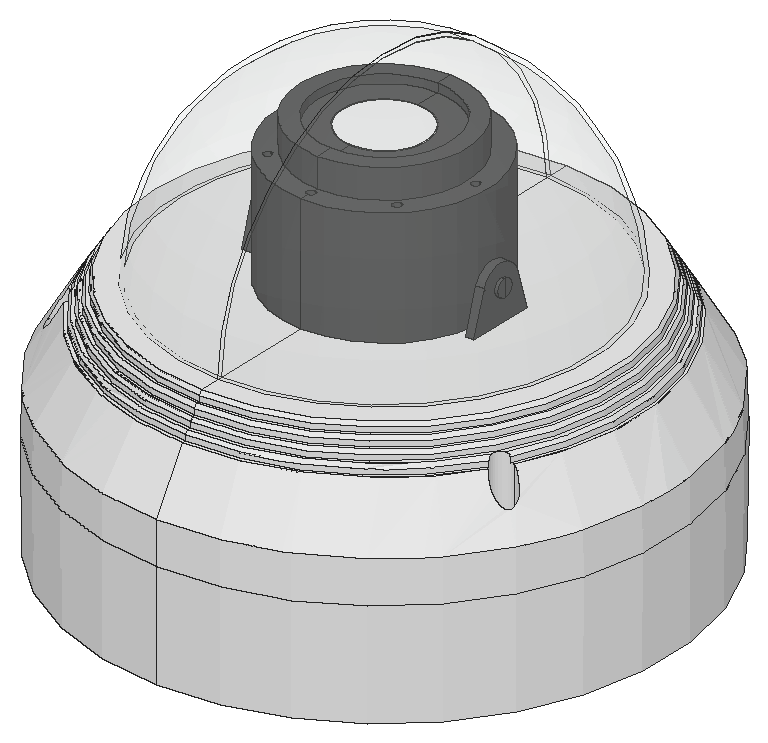
Revit family "Camera-Security-HanwhaTechwin-Dome-Wisenet Q-QNV-8080R_inch", category Security Devices, host Face, Revit 2020
Family settings
  Host = Face
  Maintain Annotation Orientation = Yes
  Round Connector Dimension = Use Diameter
  Part Type = Normal
  OmniClass Number = 23.85.30.17.14
  OmniClass Title = Video Surveillance
  Cut with Voids When Loaded = No
  Shared = No
  Room Calculation Point = No
Parameters (values of type "Standard")
  zz Length 3 [instance] = if(1 = 1, View Distance + 1.531", View Distance + 1.531")  # 37.51525"
  zz Length 2 [instance] = 10.04698"
  zz Length 1 [instance] = 7.48474"
  zz Angle 4 [instance] = if(1 = 1, Camera Shield Actual, Camera Shield Actual)  # 0.00°
  zz Angle 3 [instance] = Camera Tilt Actual + 90.00°  # 90.00°
  zz Angle 2 [instance] = 90.00° - Camera Shield Actual  # 90.00°
  zz Angle 1 [instance] = if(1 = 1, Camera Base Actual + 270.00°, Camera Base Actual + 270.00°)  # 270.00°
  Wide Dynamic Range [instance] = "120 dB"  # constant formula
  White Balance [instance] = "ATW / AWC / Manual / Indoor / Outdoor"  # constant formula
  Weight [instance] = "700g (1.543 lb)"  # constant formula
  Webpage Language [instance] = "English, Korean, Chinese, French, Italian, Spanish, German, Japanese, Russian, Swedish,\r\nPortuguese, Czech, Polish, Turkish, Dutch, Hungarian, Greek"  # constant formula
  Web Viewer [instance] = "Supported OS : Windows 7, 8.1, 10, Mac OS X 10.12, 10.13, 10.14\r\nRecommended Browser : Google Chrome\r\nSupported Browser : MS Explorer11, MS Edge, Mozilla Firefox (Windows 64bit only),\r\nApple Safari (Mac OS X only)"  # constant formula
  WarrantyStartDate [instance] = "1900-12-31T23:59:59"
  WarrantyGuarantorParts [instance] = ""
  WarrantyGuarantorLabor [instance] = ""
  WarrantyDurationUnit [instance] = "year"
  WarrantyDurationParts [instance] = ""
  WarrantyDurationLabor [instance] = ""
  WarrantyDescription [instance] = ""
  Voltage [instance] = 12 V
  View Distance [instance] = 35.98425"
  Video out [instance] = "CVBS : 1.0 Vp-p / 75Ω composite, 720 x 480(N), 720 x 576(P) for installation"  # constant formula
  Video Rotation [instance] = "Flip, Mirror, Hallway view (90˚/270˚)"  # constant formula
  Video Quality Adjustment [instance] = "H.264/H.265 : Target bitrate level control\r\nMJPEG : Quality Level control"  # constant formula
  Video Compression Format [instance] = "H.265/H.264: Main/High, MJPEG"  # constant formula
  Version [instance] = "1"
  Unit Conversion [instance] = 39.37008"
  Uniclass2 [instance] = "Pr_60_75_75_86_86"
  URL = "https://www.hanwha-security.com"
  TagNumber (default) [instance] = ""
  SustainabilityPerformance [instance] = ""
  Streaming Method [instance] = "Multiple streaming (Up to 3 profiles)"  # constant formula
  Streaming Capability [instance] = "Unicast (6 users) / Multicast"  # constant formula
  Storage Temperature [instance] = "-30°C ~ +60°C (-22°F ~ +140°F) / Less than 90% RH"  # constant formula
  Smart Codec [instance] = "WiseStream II"  # constant formula
  Size [instance] = "Ø5.39 x 4.18\" (Ø137.0 x 106.1mm)"
  Shape [instance] = "Dome"
  SerialNumber (default) = ""
  Security [instance] = "HTTPS (SSL) login authentication, Digest login authentication,\r\nIP address filtering, User access log,\r\n802.1X authentication (EAP-TLS, EAP-LEAP)"  # constant formula
  Revision [instance] = ""
  Resolution [instance] = "2592 x 1944, 1920 x 1080, 1280 x 960, 1280 x 720, 800 x 600, 800 x 448, 720 x 576, 720 x 480,\r\n640 x 480, 640 x 360"  # constant formula
  ReplacementCost [instance] = ""
  RAL Code [instance] = "RAL9003"  # constant formula
  Protocol [instance] = "IPv4, IPv6, TCP/IP, UDP/IP, RTP(UDP), RTP(TCP), RTCP, RTSP, NTP, HTTP, HTTPS, SSL/TLS, DHCP, FTP,\r\nSMTP, ICMP, IGMP, SNMPv1/v2c/v3(MIB-2), ARP, DNS, DDNS, QoS, UPnP, Bonjour, LLDP"  # constant formula
  ProductInformation [instance] = ""
  Product Page URL = "https://www.hanwha-security.com/en/products/camera/network/dome/QNV-8080R/overview/"
  Product Material = Aluminum - HanwhaTechwin - White
  Product Documentation Link = "https://www.hanwha-security.com/prod/pdfDownload.do?mdlCd=MC001858"
  Privacy Masking [instance] = "6ea, rectangular zones"  # constant formula
  Power Consumption [instance] = "PoE : Max 8.9W, typical 6.6W"  # constant formula
  Pan. Tilt. Rotate Range [instance] = "0˚~350˚ / 0˚~67˚ / 0˚~355"  # constant formula
  Operating Temperature [instance] = "-30°C ~ +55°C (-22°F ~ +131°F) / Less than 90% RH\r\n* Start up should be done at above -20°C"  # constant formula
  NominalWidth [instance] = "Ø5.39 (Ø137.0)"
  NominalLength [instance] = "Ø5.39 (Ø137.0)"
  NominalHeight [instance] = "4.18\" (106.1mm)"
  Name [instance] = "QNV-8080R"
  NBSTypeID [instance] = ""
  NBSReference [instance] = ""
  NBSOfficeMasterTag [instance] = ""
  NBSNote [instance] = ""
  NBSDescription [instance] = ""
  NBSCertification [instance] = ""
  Motion Detection [instance] = "4ea, polygonal zones"  # constant formula
  ModelReference [instance] = "Hanwhatechwin"
  ModelNumber [instance] = "QNV-8080R"
  Model = "QNV-8080R"  # constant formula
  Min. Illumination [instance] = "Color : 0.15Lux (F1.6, 1/30sec)\r\nBW : 0Lux (IR LED on)"  # constant formula
  Memory [instance] = "512MB RAM, 256MB Flash"  # constant formula
  Maximum Framerate [instance] = "H.265/H.264: Max. 30fps/25fps (60Hz/50Hz)\r\nMJPEG: Max. 15fps/12fps (60Hz/50Hz)"  # constant formula
  Max. Aperture Ratio [instance] = "F1.6 (Wide)~F2.9 (Tele)"  # constant formula
  Max Resolution [instance] = 2592
  Material [instance] = "Aluminum"
  ManufacturerURL [instance] = "https://www.hanwha-security.com"
  ManufacturerName [instance] = "Hanwhatechwin"
  Manufacturer = "Hanwha Techwin"  # constant formula
  LDC [instance] = "Support"  # constant formula
  InstallationDate (default) [instance] = "1900-12-31T23:59:59"
  Input Voltage. Current [instance] = "PoE (IEEE802.3af, Class3), 12VDC"  # constant formula
  Imaging Device [instance] = "1/2.8 2MP CMOS"  # constant formula
  IR Viewable Length [instance] = "30m (98.42ft)"  # constant formula
  Grade [instance] = ""
  Gain Control [instance] = "Low / Middle / High"  # constant formula
  Focus Control [instance] = "Simple focus"  # constant formula
  Focal Length Actual [instance] = if(Focal Length > 0.3937", 0.3937", if(Focal Length < 0.12598", 0.12598", Focal Length))  # 0.12598"
  Focal Length .Zoom Ratio. [instance] = "3.2~10mm (3.1x) motorized varifocal"  # constant formula
  Focal Length [instance] = 0.12598"
  FoV Hide Check [instance] = FoV Hide Check
  FoV Cross Check [instance] = FoV Cross Check
  Finish [instance] = ""
  Field of View_Recognize [instance] = Field of View - Recognize
  Field of View_Observe [instance] = Field of View - Observe
  Field of View_Identify [instance] = Field of View - Identify
  Field of View_Detect [instance] = Field of View - Detect
  Field of View is Visible_DORI [instance] = no
  Field of View is Visible [instance] = no
  Field of View Vertical Actual [instance] = 72.30° + (23.50° - 72.30°) / (0.3937" - 0.12598") * (Focal Length Actual - 0.12598")  # 72.30°
  Field of View Horizontal Actual [instance] = 100.30° + (31.20° - 100.30°) / (0.3937" - 0.12598") * (Focal Length Actual - 0.12598")  # 100.30°
  Field of View Diagonal Actual [instance] = 133.10° + (38.80° - 133.10°) / (0.3937" - 0.12598") * (Focal Length Actual - 0.12598")  # 133.10°
  Field of View [instance] = Field of View
  Features [instance] = "• Max. 5Megapixel (2592 x 1944) resolution\r\n• 3.2~10mm(3.1x) motorized varifocal lens\r\n• 0.15Lux (Color), 0Lux (B/W, IR LED on)\r\n• Max. 30fps@5MP (H.265 / H.264)\r\n• H.265, H.264, MJPEG codec support, Multiple streaming\r\n• Day & Night, WDR (120dB)\r\n• Tampering, Motion detection, Defocus detection\r\n• Micro SD / SDHC / SDXC memory slot (Max. 128GB)\r\n• Hallway view, WiseStream II support\r\n• IR Viewable length 30m\r\n• IP66, IK10, PoE"
  ExpectedLife [instance] = ""
  Ethernet [instance] = "RJ-45 (10/100BASE-T)"  # constant formula
  Electronic Shutter Speed [instance] = "Minimum / Maximum / Anti flicker (1/5~1/12,000sec)"  # constant formula
  Effective Pixels [instance] = "2592(H) x 1944(V)"  # constant formula
  Edge Storage [instance] = "Micro SD/SDHC/SDXC 1slot 128GB"  # constant formula
  DurationUnit [instance] = "year"
  Distance Recognize [instance] = 1 / 2 * (Max Resolution / 125) / tan(Field of View Horizontal Actual / 2) * Unit Conversion  # 340.69416"
  Distance Observe [instance] = 1 / 2 * (Max Resolution / 62.5) / tan(Field of View Horizontal Actual / 2) * Unit Conversion  # 681.38831"
  Distance Identify [instance] = 1 / 2 * (Max Resolution / 250) / tan(Field of View Horizontal Actual / 2) * Unit Conversion  # 170.34708"
  Distance Detect [instance] = 1 / 2 * (Max Resolution / 25) / tan(Field of View Horizontal Actual / 2) * Unit Conversion  # 1703.47078"
  Digital Noise Reduction [instance] = "SSNR"  # constant formula
  Description = "NBS standard template for generic face-based components"  # constant formula
  Default Elevation = 48"
  Day and Night [instance] = "Auto (ICR)"  # constant formula
  Constituents [instance] = ""
  Color [instance] = "White"
  CodePerformance [instance] = ""
  Certification [instance] = "IP66, IK10"  # constant formula
  Category [instance] = "5MP Network IR Dome Camera"
  Camera Title [instance] = "Displayed up to 85 characters"  # constant formula
  Camera Tilt Desired [instance] = 0.00°
  Camera Tilt Actual [instance] = if(Camera Tilt Desired > 67.00°, 67.00°, if(Camera Tilt Desired < 0.00°, 0.00°, Camera Tilt Desired))  # 0.00°
  Camera Shield Desired [instance] = 0.00°
  Camera Shield Actual [instance] = if(Camera Shield Desired > 355.00°, 355.00°, if(Camera Shield Desired < 0.00°, 0.00°, Camera Shield Desired))  # 0.00°
  Camera Base Desired [instance] = 0.00°
  Camera Base Actual [instance] = if(Camera Base Desired > 350.00°, 350.00°, if(Camera Base Desired < 0.00°, 0.00°, Camera Base Desired))  # 0.00°
  Bitrate Control Method [instance] = "H.264/H.265 : CBR or VBR\r\nMJPEG : VBR"  # constant formula
  Base Vertical Length [instance] = 0.19685"
  Base Horizontal Length [instance] = 0.19685"
  BarCode (default) [instance] = ""
  Backlight Compensation [instance] = "BLC, WDR, SSDR"  # constant formula
  Author [instance] = ""
  Audio In [instance] = "Selectable (mic in/line in)\r\nSupply voltage: 2.5VDC (4mA), Input impedance : 2K Ohm"  # constant formula
  Audio Compression Format [instance] = "G.711 u-law /G.726 Selectable\r\nG.726 (ADPCM) 8KHz, G.711 8KHz\r\nG.726: 16Kbps, 24Kbps, 32Kbps, 40Kbps"  # constant formula
  AssetType [instance] = "Fixed"
  AssetIdentifier (default) [instance] = ""
  Application Programming Interface [instance] = "ONVIF Profile S/G/T\r\nSUNAPI (HTTP API)\r\nWisenet open platform"  # constant formula
  Angular Field of View [instance] = "H : 100.3°(Wide)~31.2°(Tele) / V : 72.3°(Wide)~23.5°(Tele) / H : 133.1°(Wide)~38.8°(Tele)"  # constant formula
  Analytics [instance] = "Defocus detection, Directional detection, Motion detection, Enter/Exit, Tampering, Virtual line"  # constant formula
  Alarm Triggers [instance] = "Analytics, Network disconnect, Alarm input"  # constant formula
  Alarm I.O [instance] = "Input 1ea / Output 1ea"  # constant formula
  Alarm Events [instance] = "File upload via FTP and e-mail\r\nNotification via e-mail\r\nSD/SDHC/SDXC or NAS recording at event triggers\r\nAlarm output"  # constant formula
  AccessibilityPerformance [instance] = ""
Reference planes (in)
  plane 1 "Center (Front/Back)": y = 0
  plane 2: z = 0
  plane 3 "Center (Left/Right)": x = 0
  plane 4: z = 2.76329
  plane 5: z = 0
  plane 6: z = 2.27165
  plane 7: z = 4.17717
  plane 8: y = -0.11444
  plane 9: x = 0
  plane 10: y = -0.02267
  plane 11: through (0, -0.02267, 47.50857) normal (0.7071, 0.7071, 0)
  plane 12: y = -0.11444
  plane 13: y = 1.9685
  plane 14: y = -1.9685
  plane 15: z = 2.27165
  plane 16: z = 1.39873
  plane 17: y = 2.16345
  plane 18: y = -2.17741
  plane 19: y = 2.69685
  plane 20: y = -2.69685
  plane 21: y = 2.68962
Forms (in)
  Revolve 1, solid, material "Aluminum - HanwhaTechwin - White" <- "Product Material", detail levels fine
    sketch origin (0, 0, 9.14415) x (0, -1, 0) y (0, 0, 1)
      loop
        line (-2.68962, -9.14415) -> (0, -9.14415) -> (0, -6.8725) -> (-2.16345, -6.8725) -> (-2.18689, -6.91001) -> (-2.18689, -6.96048) -> (-2.21843, -6.96048) -> (-2.24187, -6.99799) -> (-2.24187, -7.04847) -> (-2.27341, -7.04847) -> (-2.29685, -7.08598) -> (-2.29685, -7.13645) -> (-2.32839, -7.13645) -> (-2.35183, -7.17396) -> (-2.35183, -7.22443) -> (-2.38337, -7.22443) -> (-2.68962, -7.74542) -> (-2.69706, -8.141) -> (-2.68962, -9.14415)
      axis (0, -9.14415) -> (0, -6.8725)
    angle from 0 to 360
  Revolve 2, solid, material "Glass - HanwhaTechwin - Clear"
    sketch origin (-0.00002, -3.90713, 9.53568) x (0, -1, 0) y (0, 0, 1)
      loop
        arc (-3.90814, -5.35852) -> (-5.27763, -5.91299) -> (-5.87563, -7.26403) r 1.9685
        line (-5.87563, -7.26403) -> (-5.83624, -7.26403)
        arc (-5.83624, -7.26403) -> (-5.24979, -5.94083) -> (-3.90814, -5.39789) r 1.92913
        line (-3.90814, -5.39789) -> (-3.90814, -5.35852)
      axis (-3.90713, -7.26403) -> (-3.90713, -5.35852)
    angle from 0 to 360
  Extrusion 3, void, detail levels fine
    sketch origin (0, 0, 0) x (0, -1, 0) y (1, 0, 0)
      loop
        circle (1.21589, -2.10598) r 0.11811
      loop
        circle (1.21589, 2.10598) r 0.11811
      loop
        circle (-2.43177, 0) r 0.11811
    from 0 to 2.27332
  Revolve 4, solid, material "Metal - HanwhaTechwin - Black", detail levels fine
    sketch origin (0, 0, 2.76329) x (0, 0, 1) y (0, 1, 0)
      loop
        line (0.88617, 0.7874) -> (0.61058, 0.7874) -> (0.61058, 0.98425) -> (-0.49163, 0.98425) -> (-0.49163, 0) -> (0.76806, 0) -> (0.76806, 0.3937) -> (0.80743, 0.3937) -> (0.80743, 0.62992) -> (0.88617, 0.62992) -> (0.88617, 0.7874)
      axis (0.88617, 0) -> (-0.49163, 0)
    angle from 0 to 360
  Extrusion 5, solid, material "Plastic - HanwhaTechwin - Sun-Shield", detail levels fine
    sketch origin (0, 0, 3.53135) x (1, 0, 0) y (0, 1, 0)
      loop
        circle (0, 0) r 0.3937
    from 0.03937 to 0
  Revolve 6, solid, material "Metal - HanwhaTechwin - Black", detail levels fine
    sketch origin (0, 0, 2.76329) x (0, 0, 1) y (1, 0, 0)
      loop
        line (-0.09793, -1.14173) -> (-0.09793, -0.98425) -> (-0.17667, -0.98425) -> (-0.17667, -1.14173) -> (-0.09793, -1.14173)
      axis (-0.17667, -1.14173) -> (-0.17667, -0.98425)
    angle from 0 to 360
  Extrusion 7, solid, material "Metal - HanwhaTechwin - Black", detail levels fine
    sketch origin (0, -0.0123, 2.76329) x (0, -1, 0) y (0, 0, 1)
      loop
        line (0.30061, -0.49163) -> (0.17942, -0.11354)
        arc (0.17942, -0.11354) -> (-0.0123, 0.02071) -> (-0.20402, -0.11354) r 0.20402
        line (-0.20402, -0.11354) -> (-0.32522, -0.49163) -> (0.30061, -0.49163)
    from 1.10236 to 0.98425
  Extrusion 8, void
    sketch origin (0, 0, 2.27165) x (0, -1, 0) y (1, 0, 0)
      loop
        circle (0, 0.86614) r 0.03937
      loop
        circle (0.61245, 0.61245) r 0.03937
      loop
        circle (0.86614, 0) r 0.03937
      loop
        circle (0, -0.86614) r 0.03937
      loop
        circle (0.61245, -0.61245) r 0.03937
    from 1.02362 to 1.10236
  Revolve 9, solid, material "Metal - HanwhaTechwin - Black", detail levels fine
    sketch origin (0, 0, 2.76329) x (0, 0, 1) y (1, 0, 0)
      loop
        line (-0.09793, 1.14173) -> (-0.17667, 1.14173) -> (-0.17667, 0.98425) -> (-0.09793, 0.98425) -> (-0.09793, 1.14173)
      axis (-0.17667, 1.14173) -> (-0.17667, 0.98425)
    angle from 0 to 360
  Extrusion 10, solid, material "Metal - HanwhaTechwin - Black", detail levels fine
    sketch origin (0, -0.0123, 2.76329) x (0, -1, 0) y (0, 0, -1)
      loop
        line (0.30061, 0.49163) -> (-0.32522, 0.49163) -> (-0.20402, 0.11354)
        arc (-0.20402, 0.11354) -> (-0.0123, -0.02071) -> (0.17942, 0.11354) r 0.20402
        line (0.17942, 0.11354) -> (0.30061, 0.49163)
    from 1.10236 to 1.02362
  Revolve 11, solid, material "Aluminum - HanwhaTechwin - White", detail levels coarse+medium
    sketch origin (0, 0, 2.76329) x (0, -1, 0) y (0, 0, 1)
      loop
        line (-2.69685, -1.36469) -> (-2.69685, -2.76329) -> (0, -2.76329) -> (0, -0.49163) -> (-2.17063, -0.49163) -> (-2.69685, -1.36469)
      axis (0, -0.49163) -> (0, -2.76329)
    angle from 0 to 360
Cuts and joins
  Extrusion 3 cuts Revolve 1
  Extrusion 8 cuts Revolve 4
Lines and regions (in)
  reference lines
    curve 1: line (0, 0, 2.76329) -> (0, -1.25, 2.76329)
    curve 2: line (0, 0, 2.76329) -> (0, 0, 3.57072)
    curve 3: line (1.60218, 0, 2.9992) -> (1.60218, 0, 3.57072)
    curve 4: line (0, 0, 3.57072) -> (1.60218, 0, 3.57072)
    curve 5: line (0, 0, 2.9992) -> (1.60218, 0, 2.9992)
    curve 6: line (0, 0, 3.57072) -> (1.60218, 0, 3.57072)
    curve 7: line (1.08357, 0, 3.5378) -> (0, 0, 3.5378)
    curve 8: line (0, 0, 3.57072) -> (0, -0.5, 3.57072)
    curve 9: line (0, 0, 3.57072) -> (-0.5, 0, 3.57072)
  symbolic lines, not visible
    curve 10: circle (0, 0, 0) r 2.84138 normal (0, 0, -1)
Dimensions and locks (in)
  locked: curve 6 to curve 6
  locked: curve 2 to curve 6
  locked: curve 1 to curve 2
  locked: Revolve 6 sketch curve to Revolve 6 sketch curve at 0.07874
  locked: Extrusion 7 sketch curve to Extrusion 7 sketch curve at 0.62583
  locked: Revolve 4 sketch curve to Revolve 4 sketch curve at 0.98425
  Revolve 4 sketch curve to Revolve 4 sketch curve to Revolve 4 sketch curve to Revolve 4 sketch curve = 0.15748" locked, 0.23622" locked, 0.3937" locked
  locked: Revolve 9 sketch curve to Revolve 9 sketch curve at 0.07874
  locked: Extrusion 10 sketch curve to Extrusion 10 sketch curve at 0.62583
  Revolve 4 sketch curve to Revolve 4 sketch curve to Revolve 4 sketch curve to Revolve 4 sketch curve to Revolve 4 sketch curve = 0.07874" locked, 0.03937" locked, 0.15748" locked, 1.10222" locked
  locked: Revolve 1 sketch curve to Revolve 1 sketch curve at 2.27165
  locked: Extrusion 10 to Extrusion 7 sketch curve at 0.51234
  locked: Extrusion 10 sketch curve to Extrusion 10 sketch curve at 0.51234
  locked: Revolve 9 sketch curve to Revolve 9 sketch curve at 0.15748
  locked: Revolve 6 sketch curve to Revolve 6 sketch curve at 0.15748
  plane 5 to plane 7 = 4.17717"
  locked: plane 5 to plane 15 at 2.27165
  plane 15 to plane 7 = 1.90551"
  equal spacing: plane 13, plane 1 "Center (Front/Back)", plane 14
  plane 13 to plane 14 = 3.93701"
  locked: plane 16 to plane 15 at 0.87293
  equal spacing: plane 19, plane 1 "Center (Front/Back)", plane 20  (x2)
  plane 19 to plane 20 = 5.3937"  (x2)
  locked: plane 19 to plane 21 at 0.00723
  radius of Extrusion 7 sketch curve = 0.20402"
  radius of Extrusion 10 sketch curve = 0.20402"
  radius of Extrusion 5 sketch curve = 0.3937"
  radius of Revolve 2 sketch curve = 1.9685"
  radius of Revolve 2 sketch curve = 1.92913"
  "zz Angle 1": angle curve 1 to plane 1 "Center (Front/Back)"
  "zz Angle 3": angle curve 1 to curve 2
  "zz Angle 4": angle curve 4 to curve 6
  "zz Angle 2": angle curve 8 to curve 4
  aligned and locked: plane 2 to host face
  aligned and locked: level to host face
  aligned and locked: plane 3 "Center (Left/Right)" to curve 1
  aligned and locked: plane 1 "Center (Front/Back)" to Revolve 2 sketch curve
  aligned and locked: Revolve 6 sketch curve to Revolve 6 sketch curve
  aligned and locked: Revolve 9 sketch curve to Revolve 9 sketch curve
  aligned and locked: plane 19 to Revolve 11 sketch curve
  aligned and locked: Revolve 11 sketch curve to plane 1 "Center (Front/Back)"
Automatic sketch dimensions
  host sketch curve to host sketch curve = 9.08796"
  host sketch curve to host sketch curve = 10.95356"
  curve 5 to curve 2 = 0"
  curve 7 to curve 2 = 0"
  curve 3 to curve 2 = 1.60218"
  curve 4 to curve 2 = 0"  (x2)
  curve 2 to curve 3 = 0.23591"
  curve 7 to curve 4 = 0.03292"
  curve 9 to curve 8 = 0"  (x2)
  curve 9 to curve 8 = 0.5"
  Revolve 2 sketch curve to plane 5 = 0.50089"
  plane 5 to Revolve 2 sketch curve = 2.81452"
  Extrusion 3 sketch curve to Revolve 1 = 0"
  Revolve 1 to Extrusion 3 sketch curve = 2.10598"
  Extrusion 3 sketch curve to Extrusion 3 sketch curve = 3.64766"
  Extrusion 3 sketch curve to Extrusion 3 sketch curve = 0"
  Extrusion 3 sketch curve to Revolve 1 = 2.10598"
  Revolve 4 sketch curve to curve 2 = 0"  (x3)
  Revolve 4 sketch curve to Revolve 4 sketch curve = 0.23288"
  curve 2 to Revolve 4 sketch curve = 0.52775"
  Extrusion 5 sketch curve to Revolve 4 = 0"
  plane 4 to Revolve 6 sketch curve = 0.17667"
  Revolve 6 sketch curve to Revolve 6 sketch curve = 0.07874"
  Extrusion 7 sketch curve to curve 1 = 0"
  Extrusion 7 sketch curve to curve 1 = 0.18332"
  Extrusion 7 sketch curve to curve 1 = 0.19172"
  curve 1 to Extrusion 7 sketch curve = 0.11354"
  curve 1 to Extrusion 7 sketch curve = 0.31292"
  Extrusion 8 sketch curve to Revolve 4 = 0"
  Extrusion 8 sketch curve to Revolve 4 = 0.86614"
  Revolve 4 to Extrusion 8 sketch curve = 0.86614"
  Extrusion 8 sketch curve to Extrusion 8 sketch curve = 0"
  Extrusion 8 sketch curve to Extrusion 8 sketch curve = 0.61245"  (x2)
  Extrusion 8 sketch curve to Extrusion 8 sketch curve = 0.25369"
  Extrusion 8 sketch curve to Revolve 4 = 0.61245"
  Revolve 4 to Extrusion 8 sketch curve = 0.61245"
  plane 4 to Revolve 9 sketch curve = 0.17667"
  Revolve 9 sketch curve to Revolve 9 sketch curve = 0.07874"
  Extrusion 10 sketch curve to curve 1 = 0"
  curve 1 to Extrusion 10 sketch curve = 0.18332"
  Extrusion 10 sketch curve to curve 1 = 0.19172"
  Extrusion 10 sketch curve to curve 1 = 0.11354"
  curve 1 to Extrusion 10 sketch curve = 0.31292"
  Revolve 6 sketch curve to Revolve 6 sketch curve = 2.59843"
  Revolve 9 sketch curve to Revolve 9 sketch curve = 2.59843"
  plane 3 "Center (Left/Right)" to Revolve 9 sketch curve = 0.98425"
  curve 7 to curve 2 = 1.08357"
  Revolve 6 sketch curve to plane 3 "Center (Left/Right)" = 1.14173"
  Revolve 2 sketch curve to plane 13 = 0"
  Revolve 2 sketch curve to Revolve 2 sketch curve = 0"  (x3)
  plane 15 to Revolve 2 sketch curve = 0"
  plane 7 to Revolve 2 sketch curve = 0"
  Revolve 11 sketch curve to curve 1 = 0"
  Revolve 11 sketch curve to curve 1 = 3.30034"
  Revolve 11 sketch curve to curve 1 = 2.76329"
  Revolve 11 sketch curve to curve 1 = 0.49163"
  Revolve 11 sketch curve to curve 1 = 0.34758"
  Revolve 11 sketch curve to Revolve 11 sketch curve = 0.52622"
  Revolve 11 sketch curve to Revolve 11 sketch curve = 0.87305"
  plane 5 to Revolve 1 sketch curve = 0"
  Revolve 1 sketch curve to plane 21 = 0"  (x2)
  plane 16 to Revolve 1 sketch curve = 0"
  Revolve 1 sketch curve to plane 17 = 0"
  Revolve 1 sketch curve to plane 1 "Center (Front/Back)" = 0"  (x2)
  plane 17 to Revolve 1 sketch curve = 0.21991"
  Revolve 1 sketch curve to Revolve 1 sketch curve = 0.03154"  (x3)
  Revolve 1 sketch curve to Revolve 1 sketch curve = 0.02344"  (x3)
  plane 17 to Revolve 1 sketch curve = 0.02344"
  Revolve 1 sketch curve to plane 6 = 0.35193"
  Revolve 1 sketch curve to Revolve 1 sketch curve = 0.05047"  (x3)
  Revolve 1 sketch curve to Revolve 1 sketch curve = 0.03751"  (x3)
  Revolve 1 sketch curve to plane 6 = 0.03751"
  plane 19 to Revolve 1 sketch curve = 0.00021"
  Revolve 1 sketch curve to Revolve 1 sketch curve = 2.5246"
  plane 16 to Revolve 1 sketch curve = 0.39558"
  Revolve 1 sketch curve to plane 16 = 0.01258"
  plane 1 "Center (Front/Back)" to curve 1 = 0"
  radius of Extrusion 3 sketch curve = 0.11811"  (x3)
  radius of Extrusion 8 sketch curve = 0.03937"  (x5)
  radius of Revolve 1 to curve 10 = 0.15175"
Nested families (in)
  nested 1: "Security Camera Symbol" at (0, 0, 0), type "Security Camera Symbol"
  nested 2: "DORI FOV" at (0, 0, 3.57072), Field of View is Visible <- "Field of View is Visible", Field of View is Visible_DORI <- "Field of View is Visible_DORI", Field of View <- "Field of View", Field of View_Detect <- "Field of View_Detect", Field of View_Identify <- "Field of View_Identify", Field of View_Observe <- "Field of View_Observe", Field of View_Recognize <- "Field of View_Recognize", FoV Cross Check <- "FoV Cross Check", FoV Hide Check <- "FoV Hide Check", Base Horizontal Length <- "Base Horizontal Length", Base Vertical Length <- "Base Vertical Length", Field of View Diagonal <- "Field of View Diagonal Actual", Field of View Horizontal <- "Field of View Horizontal Actual", Field of View Vertical <- "Field of View Vertical Actual", Max Resolution <- "Max Resolution", View Distance <- "View Distance", Unit Conversion <- "Unit Conversion", Distance Detect <- "Distance Detect", Distance Identify <- "Distance Identify", Distance Observe <- "Distance Observe", Distance Recognize <- "Distance Recognize", type "DORI FOV"
    with zz Vertical Length_Recognize 497.7883", zz Vertical Length_Observe 995.5766", zz Vertical Length_Identify 248.89415", zz Vertical Length_Detect 2488.9415", zz Vertical Length 52.5766", zz Horizontal Length_Recognize 816.37795", zz Horizontal Length_Observe 1632.75591", zz Horizontal Length_Identify 408.18898", zz Horizontal Length_Detect 4081.88976", zz Horizontal Length 86.22616", View Distance 35.98425", Unit Conversion 39.37008", Max Resolution 2592, FoV Hide Check FoV Hide Check, FoV Cross Check FoV Cross Check, Field of View_Recognize Field of View - Recognize, Field of View_Observe Field of View - Observe, Field of View_Identify Field of View - Identify, Field of View_Detect Field of View - Detect, Field of View is Visible_DORI no, Field of View is Visible no, Field of View Vertical 72.30°, Field of View Horizontal 100.30°, Field of View Diagonal 133.10°, Field of View Field of View, Distance Recognize 340.69416", Distance Observe 681.38831", Distance Identify 170.34708", Distance Detect 1703.47078", Base Vertical Length 0.19685", Base Horizontal Length 0.19685"
Connectors (in)
  electrical at (0, 0, 0), driven by "Voltage"
    settings: on Revolve 11, index 1, voltage 12 V, apparent load 0 VA, apparent load phase1 0 VA, apparent load phase2 0 VA, apparent load phase3 0 VA, power factor 1, load classification "Other", number of poles 1, system type 31, power factor state 1, is connector primary yes, connector utility no, sub classification motor no, connector description "Power Connector"
  electrical at (0, 0, 0)
    settings: on Revolve 11, index 2, voltage 0 V, apparent load 0 VA, apparent load phase1 0 VA, apparent load phase2 0 VA, apparent load phase3 0 VA, power factor 1, load classification "Other", number of poles 1, system type 14, power factor state 1, is connector primary no, connector utility no, sub classification motor no, connector description "Ethernet Connector"
Definition of nested family "Security Camera Symbol"
  Reference planes (in)
    plane 1: y = 0
    plane 2: x = 0
  Lines and regions (in)
    Masking region 1
      outline origin (0, 0, 0) x (1, 0, 0) y (0, 1, 0)
        loop
          circle (0, 0) r 0.19685
    detail lines
      curve 1: line (-0.12052, 0.0649, 0) -> (0.05861, 0.0649, 0)
      curve 2: line (-0.12052, -0.0649, 0) -> (-0.12052, 0.0649, 0)
      curve 3: line (0.05861, -0.0649, 0) -> (-0.12052, -0.0649, 0)
      curve 4: line (0.05861, 0.0649, 0) -> (0.05861, -0.0649, 0)
      curve 5: line (0.05861, 0, 0) -> (0.12351, 0.0649, 0)
      curve 6: line (0.12351, 0.0649, 0) -> (0.12351, -0.0649, 0)
      curve 7: line (0.12351, -0.0649, 0) -> (0.05861, 0, 0)
Definition of nested family "DORI FOV"
  Parameters (values of type "DORI FOV")
    zz Vertical Length_Recognize [instance] = tan(Field of View Vertical / 2) * Distance Recognize * 2  # 252.93246"
    zz Vertical Length_Observe [instance] = tan(Field of View Vertical / 2) * Distance Observe * 2  # 505.86493"
    zz Vertical Length_Identify [instance] = tan(Field of View Vertical / 2) * Distance Identify * 2  # 126.46623"
    zz Vertical Length_Detect [instance] = tan(Field of View Vertical / 2) * Distance Detect * 2  # 1011.72985"
    zz Vertical Length [instance] = tan(Field of View Vertical / 2) * View Distance * 2  # 33.02575"
    zz Horizontal Length_Recognize [instance] = tan(Field of View Horizontal / 2) * Distance Recognize * 2  # 599.40495"
    zz Horizontal Length_Observe [instance] = tan(Field of View Horizontal / 2) * Distance Observe * 2  # 1198.80989"
    zz Horizontal Length_Identify [instance] = tan(Field of View Horizontal / 2) * Distance Identify * 2  # 299.70247"
    zz Horizontal Length_Detect [instance] = tan(Field of View Horizontal / 2) * Distance Detect * 2  # 2397.61978"
    zz Horizontal Length [instance] = tan(Field of View Horizontal / 2) * View Distance * 2  # 78.26516"
    View Distance [instance] = 35.98425"
    Unit Conversion [instance] = 39.37008"
    Max Resolution [instance] = 1920
    FoV Hide Check [instance] = none
    FoV Cross Check [instance] = none
    Field of View is Visible_DORI [instance] = no
    Field of View is Visible [instance] = yes
    Field of View Vertical [instance] = 49.30°
    Field of View Horizontal [instance] = 94.80°
    Field of View Diagonal [instance] = 114.30°
    Field of View_Recognize [instance] = none
    Field of View_Observe [instance] = none
    Field of View_Identify [instance] = none
    Field of View_Detect [instance] = none
    Field of View [instance] = none
    Distance Recognize [instance] = 275.59055"
    Distance Observe [instance] = 551.1811"
    Distance Identify [instance] = 137.79528"
    Distance Detect [instance] = 1102.3622"
    Default Elevation = 48"
    Base Vertical Length [instance] = 0.19685"
    Base Horizontal Length [instance] = 0.19685"
  Reference planes (in)
    plane 1 "Center (Front/Back)": y = 0
    plane 2: z = 0
    plane 3 "Center (Left/Right)": x = 0
    plane 4: z = 137.79528
    plane 5: z = 275.59055
    plane 6: z = 551.1811
    plane 7: z = 1102.3622
    plane 8: x = -149.85124
    plane 9: x = 149.85124
    plane 10: x = -299.70247
    plane 11: x = -599.40495
    plane 12: x = 299.70247
    plane 13: x = 599.40495
    plane 14: x = -1198.80989
    plane 15: x = 1198.80989
  Forms (in)
    Extrusion 1, solid
      sketch origin (0, 0, 0) x (1, 0, 0) y (0, 1, 0)
        loop
          line (-48, 48) -> (-48, -48) -> (48, -48) -> (48, 48) -> (-48, 48)
      from 0 to -12
    Blend 2, solid, material <- "Field of View_Identify", visible <- "Field of View is Visible_DORI"
      base sketch origin (0, 0, 0) x (1, 0, 0) y (0, 1, 0)
        loop
          line (-0.09843, 0.09843) -> (-0.09843, -0.09843) -> (0.09843, -0.09843) -> (0.09843, 0.09843) -> (-0.09843, 0.09843)
      top sketch origin (0, 0, 0) x (1, 0, 0) y (0, 1, 0)
        loop
          line (-149.85124, 63.23312) -> (-149.85124, -63.23312) -> (149.85124, -63.23312) -> (149.85124, 63.23312) -> (-149.85124, 63.23312)
      from 0 to 137.79528
    Blend 3, solid, material <- "Field of View_Recognize", visible <- "Field of View is Visible_DORI"
      base sketch origin (0, 0, 0) x (1, 0, 0) y (0, 1, 0)
        loop
          line (-149.85124, 63.23312) -> (-149.85124, -63.23312) -> (149.85124, -63.23312) -> (149.85124, 63.23312) -> (-149.85124, 63.23312)
      top sketch origin (0, 0, 0) x (1, 0, 0) y (0, 1, 0)
        loop
          line (-299.70247, 126.46623) -> (-299.70247, -126.46623) -> (299.70247, -126.46623) -> (299.70247, 126.46623) -> (-299.70247, 126.46623)
      from 137.79528 to 275.59055
    Blend 4, solid, material <- "Field of View_Observe", visible <- "Field of View is Visible_DORI"
      base sketch origin (0, 0, 0) x (1, 0, 0) y (0, 1, 0)
        loop
          line (-299.70247, 126.46623) -> (-299.70247, -126.46623) -> (299.70247, -126.46623) -> (299.70247, 126.46623) -> (-299.70247, 126.46623)
      top sketch origin (0, 0, 0) x (1, 0, 0) y (0, 1, 0)
        loop
          line (-599.40495, 252.93246) -> (-599.40495, -252.93246) -> (599.40495, -252.93246) -> (599.40495, 252.93246) -> (-599.40495, 252.93246)
      from 275.59055 to 551.1811
    Blend 5, solid, material <- "Field of View_Detect", visible <- "Field of View is Visible_DORI"
      base sketch origin (0, 0, 0) x (1, 0, 0) y (0, 1, 0)
        loop
          line (-599.40495, 252.93246) -> (-599.40495, -252.93246) -> (599.40495, -252.93246) -> (599.40495, 252.93246) -> (-599.40495, 252.93246)
      top sketch origin (0, 0, 0) x (1, 0, 0) y (0, 1, 0)
        loop
          line (-1198.80989, 505.86493) -> (-1198.80989, -505.86493) -> (1198.80989, -505.86493) -> (1198.80989, 505.86493) -> (-1198.80989, 505.86493)
      from 551.1811 to 1102.3622
    Blend 6, solid, material <- "Field of View", visible <- "Field of View is Visible"
      base sketch origin (0, 0, 0) x (1, 0, 0) y (0, 1, 0)
        loop
          line (-0.09843, 0.09843) -> (-0.09843, -0.09843) -> (0.09843, -0.09843) -> (0.09843, 0.09843) -> (-0.09843, 0.09843)
      top sketch origin (0, 0, 0) x (1, 0, 0) y (0, 1, 0)
        loop
          line (-39.13258, 16.51288) -> (-39.13258, -16.51288) -> (39.13258, -16.51288) -> (39.13258, 16.51288) -> (-39.13258, 16.51288)
      from 0 to 35.98425 <- "View Distance"
  Dimensions and locks (in)
    equal spacing: Blend 2 sketch curve, plane 3 "Center (Left/Right)", Blend 2 sketch curve  (x2)
    "Base Horizontal Length": Blend 2 sketch curve to Blend 2 sketch curve
    equal spacing: Blend 2 sketch curve, plane 1 "Center (Front/Back)", Blend 2 sketch curve  (x2)
    "Base Vertical Length": Blend 2 sketch curve to Blend 2 sketch curve
    "zz Horizontal Length_Identify": Blend 2 sketch curve to Blend 2 sketch curve
    "zz Vertical Length_Identify": Blend 2 sketch curve to Blend 2 sketch curve
    equal spacing: plane 9, plane 3 "Center (Left/Right)", plane 8
    "zz Horizontal Length_Identify": plane 9 to plane 8
    "Distance Identify": plane 4 to level
    "Distance Recognize": plane 5 to Extrusion 1
    "Distance Observe": plane 6 to Extrusion 1
    "Distance Detect": plane 7 to Extrusion 1
    equal spacing: Blend 3 sketch curve, plane 3 "Center (Left/Right)", Blend 3 sketch curve  (x2)
    equal spacing: Blend 3 sketch curve, plane 1 "Center (Front/Back)", Blend 3 sketch curve  (x2)
    "zz Horizontal Length_Identify": Blend 3 sketch curve to Blend 3 sketch curve
    "zz Vertical Length_Identify": Blend 3 sketch curve to Blend 3 sketch curve
    "zz Horizontal Length_Recognize": Blend 3 sketch curve to Blend 3 sketch curve
    "zz Vertical Length_Recognize": Blend 3 sketch curve to Blend 3 sketch curve
    equal spacing: Blend 4 sketch curve, plane 3 "Center (Left/Right)", Blend 4 sketch curve  (x2)
    "zz Horizontal Length_Recognize": Blend 4 sketch curve to Blend 4 sketch curve
    equal spacing: Blend 4 sketch curve, plane 1 "Center (Front/Back)", Blend 4 sketch curve  (x2)
    "zz Vertical Length_Recognize": Blend 4 sketch curve to Blend 4 sketch curve
    "zz Horizontal Length_Observe": Blend 4 sketch curve to Blend 4 sketch curve
    "zz Vertical Length_Observe": Blend 4 sketch curve to Blend 4 sketch curve
    equal spacing: plane 12, plane 3 "Center (Left/Right)", plane 10
    "zz Horizontal Length_Recognize": plane 12 to plane 10
    equal spacing: plane 13, plane 3 "Center (Left/Right)", plane 11
    "zz Horizontal Length_Observe": plane 13 to plane 11
    equal spacing: Blend 5 sketch curve, plane 3 "Center (Left/Right)", Blend 5 sketch curve  (x2)
    "zz Horizontal Length_Observe": Blend 5 sketch curve to Blend 5 sketch curve
    equal spacing: Blend 5 sketch curve, plane 1 "Center (Front/Back)", Blend 5 sketch curve  (x2)
    "zz Vertical Length_Observe": Blend 5 sketch curve to Blend 5 sketch curve
    "zz Horizontal Length_Detect": Blend 5 sketch curve to Blend 5 sketch curve
    "zz Vertical Length_Detect": Blend 5 sketch curve to Blend 5 sketch curve
    equal spacing: plane 15, plane 3 "Center (Left/Right)", plane 14
    "zz Horizontal Length_Detect": plane 15 to plane 14
    equal spacing: Blend 6 sketch curve, plane 3 "Center (Left/Right)", Blend 6 sketch curve  (x2)
    "Base Horizontal Length": Blend 6 sketch curve to Blend 6 sketch curve
    equal spacing: Blend 6 sketch curve, plane 1 "Center (Front/Back)", Blend 6 sketch curve  (x2)
    "Base Vertical Length": Blend 6 sketch curve to Blend 6 sketch curve
    "zz Horizontal Length": Blend 6 sketch curve to Blend 6 sketch curve
    "zz Vertical Length": Blend 6 sketch curve to Blend 6 sketch curve
    aligned and locked: plane 2 to Extrusion 1
    aligned and locked: level to Extrusion 1
    aligned and locked: Blend 2 to plane 4
    aligned and locked: Blend 3 to plane 5
    aligned and locked: Blend 3 to plane 4
    aligned and locked: Blend 4 to plane 6
    aligned and locked: Blend 4 to plane 5
    aligned and locked: Blend 5 to plane 7
    aligned and locked: Blend 5 to plane 6
  Automatic sketch dimensions
    Extrusion 1 sketch curve to Extrusion 1 sketch curve = 96"  (x2)
